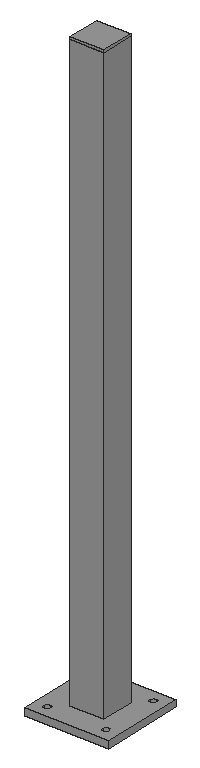
Revit family "Screening-Louver-Assembly-Post-Palmshield-Espalier_Trellis_System", category Specialty Equipment, Revit 2021
Family settings
  Round Connector Dimension = Use Diameter
  Part Type = Normal
  OmniClass Number = 23.55.00.00
  OmniClass Title = Manufactured Structures
  Work Plane-Based = No
  Always vertical = No
  Cut with Voids When Loaded = No
  Shared = No
  Room Calculation Point = No
Parameters (values of type "Assembly")
  Warranty URL = "https://palmshieldlouvers.com/wp-content/uploads/2020/01/PalmSHIELD-Warranty-NO-SIGN-LINE.pdf"
  Version = "2020 - v1.0a"  # constant formula
  URL = "https://palmshieldlouvers.com/"
  Product Page URL = "https://palmshieldlouvers.com/products/trellis-louvers/"
  Product Documentation Link = "https://palmshieldlouvers.com/wp-content/uploads/2022/03/PalmSHIELD-ESPALIER-trellis-panel-system-specifications-1.doc"
  Model = "Espalier Trellis System"  # constant formula
  Material = Metal - PalmSHIELD - Dusty Grey
  Manufacturer Phone Number = "531-329-4406 "  # constant formula
  Manufacturer Email = "mailto: info@palmshieldlouvers.com"
  Manufacturer Address = "12330 Cary Circle, La Vista, NE 68128"  # constant formula
  Manufacturer = "PalmSHIELD"  # constant formula
  Keynote = "05 10 00"
  Instruction Sheet Link = "https://palmshieldlouvers.com/wp-content/uploads/2020/01/PalmSHIELD-Post-Panel-Gate-Installation-Instructions-REV-1.pdf"
  ID [instance] = "Not Assigned"
  Height [instance] = if(Desired Overall Height < C Min Height, C Min Height, if(Desired Overall Height > C Max Height, C Max Height, Desired Overall Height))  # 6' - 0"
  Desired Overall Height [instance] = 6' - 0"
  Description = "Espalier Trellis System - Square Post"  # constant formula
  Default Elevation = 0' - 0"
  Copyright = "Copyright ©2024 The American Fence Company and PalmSHIELD. All Rights Reserved."  # constant formula
  Component Vis [instance] = yes
  Component Name [instance] = "Espalier Trellis System - Square Post"  # constant formula
  C Post Width = 0' - 4"  # constant formula
  C Min Height [instance] = 3' - 4"  # constant formula
  C Max Height [instance] = 10' - 0"  # constant formula
  Assembly Code = "F1020100"
Reference planes (in)
  plane 1 "Center (Front/Back)": y = 0
  plane 2: z = 0
  plane 3 "Center (Left/Right)": x = 0
  plane 4: z = 72
  plane 5: y = 2
  plane 6: y = -2
  plane 7: x = 2
  plane 8: x = -2
Lines and regions (in)
  reference lines
    curve 1: line (-24.29961, 0, 72) -> (24.70039, 0, 72)
Dimensions and locks (in)
  "Desired Overall Height": curve 1 to plane 2
  "Height": plane 4 to plane 2
  equal spacing: plane 8, plane 3 "Center (Left/Right)", plane 7
  equal spacing: plane 5, plane 1 "Center (Front/Back)", plane 6
  "C Post Width": plane 5 to plane 6
  "C Post Width": plane 8 to plane 7
  aligned and locked: plane 2 to level
Automatic sketch dimensions
  curve 1 to plane 8 = 1' - 10.29961"
  curve 1 to plane 7 = 1' - 10.70039"
Nested families (in)
  nested 1: "Screening-Louver-Assembly-Post-Palmshield-Espalier_Trellis_System" at (0, 0, 0), Desired Overall Height <- "Desired Overall Height", Overall Height <- "Height", ID <- "ID", Component Vis <- "Component Vis", type "Assembly"
    with Overall Height 6' - 0", ID "Not Assigned", Desired Overall Height 6' - 0", Component Vis yes, Component Name "Espalier Trellis System - Post Assembly"
  nested 2: "Nested-Base_Plate-Palmshield-Espalier_Trellis_System" at (0, 0, 0), type "10" x 10" x 3/4""
    with Material Metal - PalmSHIELD - Dusty Grey, ID "Not Assigned", Component Name "Espalier Trellis System - Aluminum - Base Plate"
  nested 3: "Nested-Square_Post-Aluminum-Palmshield-Espalier_Trellis_System" at (0, 0, 0.75), type "4" X 4" X 1/4" SQ. TUBE"
    with Material Metal - PalmSHIELD - Dusty Grey, Length 5' - 11", ID "Not Assigned", Component Name "Espalier Trellis System - Aluminum - Square Post"
  nested 4: "Nested-Top_Cap-Palmshield-Espalier_Trellis_System" at (0, 0, 71.75), type "4" x 4" x 1/4""
    with Material Metal - PalmSHIELD - Dusty Grey, ID "Not Assigned", Component Name "Espalier Trellis System - Aluminum - Square Top Cap"
Definition of nested family "Nested-Base_Plate-Palmshield-Espalier_Trellis_System"
  Parameters (values of type "10" x 10" x 3/4"")
    Width = if(Constraints = 1, 0' 10", 1' 2")  # 0' - 10"
    Warranty URL = "https://palmshieldlouvers.com/wp-content/uploads/2020/01/PalmSHIELD-Warranty-NO-SIGN-LINE.pdf"
    Version = "2020 - v1.0a"  # constant formula
    URL = "https://palmshieldlouvers.com/"
    Thickness = 0' - 0 3/4"  # constant formula
    Product Page URL = "https://palmshieldlouvers.com/products/trellis-louvers/"
    Product Documentation Link = "Contact Manufacturer for More Information"
    Model = "Espalier Trellis System - Single"  # constant formula
    Material [instance] = none
    Manufacturer Phone Number = "531-329-4406 "  # constant formula
    Manufacturer Fax Number = "Consult Manufacturer Website for More Information"  # constant formula
    Manufacturer Email = "mailto: info@palmshieldlouvers.com"
    Manufacturer Address = "12330 Cary Circle, La Vista, NE 68128"  # constant formula
    Manufacturer = "PalmSHIELD"  # constant formula
    Keynote = "05 10 00"
    Instruction Sheet Link = "https://palmshieldlouvers.com/wp-content/uploads/2020/01/PalmSHIELD-Post-Panel-Gate-Installation-Instructions-REV-1.pdf"
    ID [instance] = ""
    Hole Diameter = 0' - 0 3/4"  # constant formula
    Height = 0' - 10"  # constant formula
    Description = "Espalier Trellis System - Base Plate"  # constant formula
    Default Elevation = 4' - 0"
    Copyright = "Copyright ©2024 The American Fence Company and PalmSHIELD. All Rights Reserved."  # constant formula
    Constraints = 1
    Component Name [instance] = "Espalier Trellis System - Aluminum - Base Plate"  # constant formula
    C Hole Offset = 0' - 1 1/2"  # constant formula
    Assembly Code = "F1020100"
  Reference planes (in)
    plane 1 "Center (Front/Back)": y = 0
    plane 2: z = 0
    plane 3 "Center (Left/Right)": x = 0
    plane 4: y = 5
    plane 5: x = 5
    plane 6: y = -5
    plane 7: x = -5
    plane 8: z = 0.75
  Forms (in)
    Extrusion 1, solid
      sketch origin (0, 0, 0) x (1, 0, 0) y (0, 1, 0)
        loop
          line (-48, 48) -> (-48, -48) -> (48, -48) -> (48, 48) -> (-48, 48)
      from 0 to -12
    Extrusion 2, solid, material <- "Material"
      sketch origin (0, 0, 0) x (1, 0, 0) y (0, 1, 0)
        loop
          line (-5, 5) -> (-5, -5) -> (5, -5) -> (5, 5) -> (-5, 5)
        loop
          circle (-3.5, 3.5) r 0.375
        loop
          circle (3.5, 3.5) r 0.375
        loop
          circle (-3.5, -3.5) r 0.375
        loop
          circle (3.5, -3.5) r 0.375
      from 0 to 0.75
  Dimensions and locks (in)
    equal spacing: plane 7, plane 3 "Center (Left/Right)", plane 5
    equal spacing: plane 4, plane 1 "Center (Front/Back)", plane 6
    "Width": plane 7 to plane 5
    "Height": plane 4 to plane 6
    "C Hole Offset": plane 7 to Extrusion 2 sketch curve  (x2)
    "C Hole Offset": Extrusion 2 sketch curve to plane 5  (x2)
    "C Hole Offset": plane 4 to Extrusion 2 sketch curve  (x2)
    "C Hole Offset": plane 6 to Extrusion 2 sketch curve  (x2)
    "Thickness": plane 8 to plane 2
    "Width": Extrusion 2 to Extrusion 2
    "Hole Diameter": diameter of Extrusion 2 sketch curve  (x4)
    aligned and locked: plane 2 to Extrusion 1
    aligned and locked: level to Extrusion 1
    aligned and locked: Extrusion 2 sketch curve to plane 4
    aligned and locked: plane 7 to Extrusion 2 sketch curve
    aligned and locked: Extrusion 2 sketch curve to plane 6
    aligned and locked: Extrusion 2 sketch curve to plane 5
    aligned and locked: plane 8 to Extrusion 2
  Automatic sketch dimensions
    Extrusion 1 sketch curve to Extrusion 1 sketch curve = 8' - 0"  (x2)
Definition of nested family "Nested-Square_Post-Aluminum-Palmshield-Espalier_Trellis_System"
  Parameters (values of type "4" X 4" X 1/4" SQ. TUBE")
    Width = 0' - 4"  # constant formula
    Warranty URL = "https://palmshieldlouvers.com/wp-content/uploads/2020/01/PalmSHIELD-Warranty-NO-SIGN-LINE.pdf"
    Version = "2020 - v1.0a"  # constant formula
    URL = "https://palmshieldlouvers.com/"
    Thickness = 0' - 0 1/4"  # constant formula
    Product Page URL = "https://palmshieldlouvers.com/products/trellis-louvers/"
    Product Documentation Link = "Contact Manufacturer for More Information"
    Model = "Espalier Trellis System - Single"  # constant formula
    Material [instance] = none
    Manufacturer Phone Number = "531-329-4406 "  # constant formula
    Manufacturer Fax Number = "Consult Manufacturer Website for More Information"  # constant formula
    Manufacturer Email = "mailto: info@palmshieldlouvers.com"
    Manufacturer Address = "12330 Cary Circle, La Vista, NE 68128"  # constant formula
    Manufacturer = "PalmSHIELD"  # constant formula
    Length [instance] = 4' - 4.86713"
    Keynote = "05 10 00"
    Instruction Sheet Link = "https://palmshieldlouvers.com/wp-content/uploads/2020/01/PalmSHIELD-Post-Panel-Gate-Installation-Instructions-REV-1.pdf"
    ID [instance] = ""
    Description = "Espalier Trellis System - Post"  # constant formula
    Default Elevation = 4' - 0"
    Copyright = "Copyright ©2024 The American Fence Company and PalmSHIELD. All Rights Reserved."  # constant formula
    Component Name [instance] = "Espalier Trellis System - Aluminum - Square Post"  # constant formula
    Assembly Code = "F1020100"
  Reference planes (in)
    plane 1 "Center (Front/Back)": y = 0
    plane 2: z = 0
    plane 3 "Center (Left/Right)": x = 0
    plane 4: z = 52.86713
    plane 5: x = 2
    plane 6: x = -2
  Forms (in)
    Extrusion 1, solid
      sketch origin (0, 0, 0) x (1, 0, 0) y (0, 1, 0)
        loop
          line (-48, 48) -> (-48, -48) -> (48, -48) -> (48, 48) -> (-48, 48)
      from 0 to -12
    Sweep 2, solid, material <- "Material"
      path origin (0, 0, 0) x (0, 1, 0) y (0, 0, 1)
        loop
          line (0, 0) -> (0, 52.86713)
      profile "Profile-Palmshield-Square : 4" X 4" X 1/4" SQ. TUBE" origin (0, 0, 26.43357) x (0, -1, 0) y (1, 0, 0)
        loop
          line (1.75, 1.75) -> (-1.75, 1.75) -> (-1.75, -1.75) -> (1.75, -1.75) -> (1.75, 1.75)
        loop
          line (-2, -2) -> (2, -2) -> (2, 2) -> (-2, 2) -> (-2, -2)
  Dimensions and locks (in)
    "Length": plane 4 to plane 2
    equal spacing: plane 5, plane 3 "Center (Left/Right)", plane 6
    "Width": plane 5 to plane 6
    aligned and locked: plane 2 to Extrusion 1
    aligned and locked: level to Extrusion 1
    aligned and locked: plane 1 "Center (Front/Back)" to Sweep 2 sketch curve
    aligned and locked: plane 4 to Sweep 2 sketch curve
  Automatic sketch dimensions
    Extrusion 1 sketch curve to Extrusion 1 sketch curve = 8' - 0"  (x2)
    Sweep 2 sketch curve to level = 0' - 0"
Definition of nested family "Nested-Top_Cap-Palmshield-Espalier_Trellis_System"
  Parameters (values of type "4" x 4" x 1/4"")
    Width = 0' - 4"  # constant formula
    Warranty URL = "https://palmshieldlouvers.com/wp-content/uploads/2020/01/PalmSHIELD-Warranty-NO-SIGN-LINE.pdf"
    Version = "2020 - v1.0a"  # constant formula
    URL = "https://palmshieldlouvers.com/"
    Thickness = 0' - 0 1/4"  # constant formula
    Product Page URL = "https://palmshieldlouvers.com/products/trellis-louvers/"
    Product Documentation Link = "Contact Manufacturer for More Information"
    Model = "Espalier Trellis System - Single"  # constant formula
    Material [instance] = none
    Manufacturer Phone Number = "531-329-4406 "  # constant formula
    Manufacturer Fax Number = "Consult Manufacturer Website for More Information"  # constant formula
    Manufacturer Email = "mailto: info@palmshieldlouvers.com"
    Manufacturer Address = "12330 Cary Circle, La Vista, NE 68128"  # constant formula
    Manufacturer = "PalmSHIELD"  # constant formula
    Keynote = "05 10 00"
    Instruction Sheet Link = "https://palmshieldlouvers.com/wp-content/uploads/2020/01/PalmSHIELD-Post-Panel-Gate-Installation-Instructions-REV-1.pdf"
    ID [instance] = ""
    Description = "Espalier Trellis System - Top Cap"  # constant formula
    Default Elevation = 4' - 0"
    Copyright = "Copyright ©2024 The American Fence Company and PalmSHIELD. All Rights Reserved."  # constant formula
    Component Name [instance] = "Espalier Trellis System - Aluminum - Square Top Cap"  # constant formula
    Assembly Code = "F1020100"
  Reference planes (in)
    plane 1 "Center (Front/Back)": y = 0
    plane 2: z = 0
    plane 3 "Center (Left/Right)": x = 0
    plane 4: y = 2
    plane 5: x = 2
    plane 6: y = -2
    plane 7: x = -2
    plane 8: z = 0.25
  Forms (in)
    Extrusion 1, solid
      sketch origin (0, 0, 0) x (1, 0, 0) y (0, 1, 0)
        loop
          line (-48, 48) -> (-48, -48) -> (48, -48) -> (48, 48) -> (-48, 48)
      from 0 to -12
    Extrusion 2, solid, material <- "Material"
      sketch origin (0, 0, 0) x (1, 0, 0) y (0, 1, 0)
        loop
          line (-2, 2) -> (-2, -2) -> (2, -2) -> (2, 2) -> (-2, 2)
      from 0 to 0.25
  Dimensions and locks (in)
    equal spacing: plane 7, plane 3 "Center (Left/Right)", plane 5
    equal spacing: plane 4, plane 1 "Center (Front/Back)", plane 6
    "Width": plane 7 to plane 5
    "Width": plane 4 to plane 6
    "Thickness": plane 8 to plane 2
    aligned and locked: plane 2 to Extrusion 1
    aligned and locked: level to Extrusion 1
    aligned and locked: Extrusion 2 sketch curve to plane 4
    aligned and locked: plane 7 to Extrusion 2 sketch curve
    aligned and locked: Extrusion 2 sketch curve to plane 6
    aligned and locked: Extrusion 2 sketch curve to plane 5
    aligned and locked: plane 8 to Extrusion 2
  Automatic sketch dimensions
    Extrusion 1 sketch curve to Extrusion 1 sketch curve = 8' - 0"  (x2)
Definition of nested family "Screening-Louver-Assembly-Post-Palmshield-Espalier_Trellis_System"
  Parameters (values of type "Default")
    Width = 0' - 4"  # constant formula
    Warranty URL = "https://palmshieldlouvers.com/wp-content/uploads/2020/01/PalmSHIELD-Warranty-NO-SIGN-LINE.pdf"
    Version = "2020 - v1.0a"  # constant formula
    URL = "https://palmshieldlouvers.com/"
    Top Cap Thickness = 0' - 0 1/8"  # constant formula
    Product Page URL = "https://palmshieldlouvers.com/products/trellis-louvers/"
    Product Documentation Link = "Contact Manufacturer for More Information"
    Overall Height [instance] = if(Desired Overall Height < 3' 0", 3' 0", if(Desired Overall Height > 10' 0", 10' 0", Desired Overall Height))  # 6' - 0"
    Model = "Espalier Trellis System - Single"  # constant formula
    Material = none
    Manufacturer Phone Number = "531-329-4406 "  # constant formula
    Manufacturer Fax Number = "Consult Manufacturer Website for More Information"  # constant formula
    Manufacturer Email = "mailto: info@palmshieldlouvers.com"
    Manufacturer Address = "12330 Cary Circle, La Vista, NE 68128"  # constant formula
    Manufacturer = "PalmSHIELD"  # constant formula
    Keynote = "05 10 00"
    Instruction Sheet Link = "https://palmshieldlouvers.com/wp-content/uploads/2020/01/PalmSHIELD-Post-Panel-Gate-Installation-Instructions-REV-1.pdf"
    ID [instance] = "Not Assigned"
    Desired Overall Height [instance] = 6' - 0"
    Description = "Espalier Trellis System - Post Assembly"  # constant formula
    Default Elevation = 4' - 0"
    Copyright = "Copyright ©2024 The American Fence Company and PalmSHIELD. All Rights Reserved."  # constant formula
    Component Vis [instance] = yes
    Component Name [instance] = "Espalier Trellis System - Post Assembly"  # constant formula
    Base Plate Thickness = 0' - 0 3/4"  # constant formula
    Assembly Code = "F1020100"
  Reference planes (in)
    plane 1 "Center (Front/Back)": y = 0
    plane 2: z = 0
    plane 3 "Center (Left/Right)": x = 0
    plane 4: x = 2
    plane 5: x = -2
    plane 6: z = 72
    plane 7: z = 2
    plane 8: z = 71.75
  Forms (in)
    Extrusion 1, solid
      sketch origin (0, 0, 0) x (1, 0, 0) y (0, 1, 0)
        loop
          line (-48, 48) -> (-48, -48) -> (48, -48) -> (48, 48) -> (-48, 48)
      from 0 to -12
  Lines and regions (in)
    reference lines
      curve 1: line (-64.16684, 0, 72) -> (79.83316, 0, 72)
  Dimensions and locks (in)
    equal spacing: plane 4, plane 3 "Center (Left/Right)", plane 5
    "Width": plane 4 to plane 5
    plane 7 to plane 2 = 0' - 2"
    plane 3 "Center (Left/Right)" to nested 2 = 0' - 0"
    plane 3 "Center (Left/Right)" to nested 3 = 0' - 0"
    locked: plane 6 to plane 8 at 0.25
    "Desired Overall Height": curve 1 to plane 2
    "Overall Height": plane 6 to plane 2
    aligned and locked: plane 2 to Extrusion 1
    aligned and locked: level to Extrusion 1
    aligned and locked: plane 1 "Center (Front/Back)" to nested 1
    aligned and locked: plane 1 "Center (Front/Back)" to nested 3
    aligned and locked: plane 3 "Center (Left/Right)" to nested 1
    aligned and locked: nested 2 to plane 8
  Automatic sketch dimensions
    Extrusion 1 sketch curve to Extrusion 1 sketch curve = 8' - 0"  (x2)
    curve 1 to plane 5 = 5' - 2.16684"
    plane 4 to curve 1 = 6' - 5.83316"
  Nested families (in)
    nested 1: "Nested-Base_Plate-Palmshield-Espalier_Trellis_System" at (0, 0, 0), ID <- "ID", Material <- "Material", visible <- "Component Vis", type "10" x 10" x 3/4""
      with Material none, ID "Not Assigned", Component Name "Espalier Trellis System - Aluminum - Base Plate"
    nested 2: "Nested-Square_Post-Aluminum-Palmshield-Espalier_Trellis_System" at (0, 0, 0.75), ID <- "ID", Material <- "Material", visible <- "Component Vis", type "4" X 4" X 1/4" SQ. TUBE"
      with Material none, Length 5' - 11", ID "Not Assigned", Component Name "Espalier Trellis System - Aluminum - Square Post"
    nested 3: "Nested-Top_Cap-Palmshield-Espalier_Trellis_System" at (0, 0, 71.75), ID <- "ID", Material <- "Material", visible <- "Component Vis", type "4" x 4" x 1/4""
      with Material none, ID "Not Assigned", Component Name "Espalier Trellis System - Aluminum - Square Top Cap"
  Definition of nested family "Nested-Base_Plate-Palmshield-Espalier_Trellis_System"
    Parameters (values of type "10" x 10" x 3/4"")
      Width = if(Constraints = 1, 0' 10", 1' 2")  # 0' - 10"
      Warranty URL = "https://palmshieldlouvers.com/wp-content/uploads/2020/01/PalmSHIELD-Warranty-NO-SIGN-LINE.pdf"
      Version = "2020 - v1.0a"  # constant formula
      URL = "https://palmshieldlouvers.com/"
      Thickness = 0' - 0 3/4"  # constant formula
      Product Page URL = "https://palmshieldlouvers.com/products/trellis-louvers/"
      Product Documentation Link = "Contact Manufacturer for More Information"
      Model = "Espalier Trellis System - Single"  # constant formula
      Material [instance] = none
      Manufacturer Phone Number = "531-329-4406 "  # constant formula
      Manufacturer Fax Number = "Consult Manufacturer Website for More Information"  # constant formula
      Manufacturer Email = "mailto: info@palmshieldlouvers.com"
      Manufacturer Address = "12330 Cary Circle, La Vista, NE 68128"  # constant formula
      Manufacturer = "PalmSHIELD"  # constant formula
      Keynote = "05 10 00"
      Instruction Sheet Link = "https://palmshieldlouvers.com/wp-content/uploads/2020/01/PalmSHIELD-Post-Panel-Gate-Installation-Instructions-REV-1.pdf"
      ID [instance] = ""
      Hole Diameter = 0' - 0 3/4"  # constant formula
      Height = 0' - 10"  # constant formula
      Description = "Espalier Trellis System - Base Plate"  # constant formula
      Default Elevation = 4' - 0"
      Copyright = "Copyright ©2024 The American Fence Company and PalmSHIELD. All Rights Reserved."  # constant formula
      Constraints = 1
      Component Name [instance] = "Espalier Trellis System - Aluminum - Base Plate"  # constant formula
      C Hole Offset = 0' - 1 1/2"  # constant formula
      Assembly Code = "F1020100"
    Reference planes (in)
      plane 1 "Center (Front/Back)": y = 0
      plane 2: z = 0
      plane 3 "Center (Left/Right)": x = 0
      plane 4: y = 5
      plane 5: x = 5
      plane 6: y = -5
      plane 7: x = -5
      plane 8: z = 0.75
    Forms (in)
      Extrusion 1, solid
        sketch origin (0, 0, 0) x (1, 0, 0) y (0, 1, 0)
          loop
            line (-48, 48) -> (-48, -48) -> (48, -48) -> (48, 48) -> (-48, 48)
        from 0 to -12
      Extrusion 2, solid, material <- "Material"
        sketch origin (0, 0, 0) x (1, 0, 0) y (0, 1, 0)
          loop
            line (-5, 5) -> (-5, -5) -> (5, -5) -> (5, 5) -> (-5, 5)
          loop
            circle (-3.5, 3.5) r 0.375
          loop
            circle (3.5, 3.5) r 0.375
          loop
            circle (-3.5, -3.5) r 0.375
          loop
            circle (3.5, -3.5) r 0.375
        from 0 to 0.75
    Dimensions and locks (in)
      equal spacing: plane 7, plane 3 "Center (Left/Right)", plane 5
      equal spacing: plane 4, plane 1 "Center (Front/Back)", plane 6
      "Width": plane 7 to plane 5
      "Height": plane 4 to plane 6
      "C Hole Offset": plane 7 to Extrusion 2 sketch curve  (x2)
      "C Hole Offset": Extrusion 2 sketch curve to plane 5  (x2)
      "C Hole Offset": plane 4 to Extrusion 2 sketch curve  (x2)
      "C Hole Offset": plane 6 to Extrusion 2 sketch curve  (x2)
      "Thickness": plane 8 to plane 2
      "Width": Extrusion 2 to Extrusion 2
      "Hole Diameter": diameter of Extrusion 2 sketch curve  (x4)
      aligned and locked: plane 2 to Extrusion 1
      aligned and locked: level to Extrusion 1
      aligned and locked: Extrusion 2 sketch curve to plane 4
      aligned and locked: plane 7 to Extrusion 2 sketch curve
      aligned and locked: Extrusion 2 sketch curve to plane 6
      aligned and locked: Extrusion 2 sketch curve to plane 5
      aligned and locked: plane 8 to Extrusion 2
    Automatic sketch dimensions
      Extrusion 1 sketch curve to Extrusion 1 sketch curve = 8' - 0"  (x2)
  Definition of nested family "Nested-Square_Post-Aluminum-Palmshield-Espalier_Trellis_System"
    Parameters (values of type "4" X 4" X 1/4" SQ. TUBE")
      Width = 0' - 4"  # constant formula
      Warranty URL = "https://palmshieldlouvers.com/wp-content/uploads/2020/01/PalmSHIELD-Warranty-NO-SIGN-LINE.pdf"
      Version = "2020 - v1.0a"  # constant formula
      URL = "https://palmshieldlouvers.com/"
      Thickness = 0' - 0 1/4"  # constant formula
      Product Page URL = "https://palmshieldlouvers.com/products/trellis-louvers/"
      Product Documentation Link = "Contact Manufacturer for More Information"
      Model = "Espalier Trellis System - Single"  # constant formula
      Material [instance] = none
      Manufacturer Phone Number = "531-329-4406 "  # constant formula
      Manufacturer Fax Number = "Consult Manufacturer Website for More Information"  # constant formula
      Manufacturer Email = "mailto: info@palmshieldlouvers.com"
      Manufacturer Address = "12330 Cary Circle, La Vista, NE 68128"  # constant formula
      Manufacturer = "PalmSHIELD"  # constant formula
      Length [instance] = 4' - 4.86713"
      Keynote = "05 10 00"
      Instruction Sheet Link = "https://palmshieldlouvers.com/wp-content/uploads/2020/01/PalmSHIELD-Post-Panel-Gate-Installation-Instructions-REV-1.pdf"
      ID [instance] = ""
      Description = "Espalier Trellis System - Post"  # constant formula
      Default Elevation = 4' - 0"
      Copyright = "Copyright ©2024 The American Fence Company and PalmSHIELD. All Rights Reserved."  # constant formula
      Component Name [instance] = "Espalier Trellis System - Aluminum - Square Post"  # constant formula
      Assembly Code = "F1020100"
    Reference planes (in)
      plane 1 "Center (Front/Back)": y = 0
      plane 2: z = 0
      plane 3 "Center (Left/Right)": x = 0
      plane 4: z = 52.86713
      plane 5: x = 2
      plane 6: x = -2
    Forms (in)
      Extrusion 1, solid
        sketch origin (0, 0, 0) x (1, 0, 0) y (0, 1, 0)
          loop
            line (-48, 48) -> (-48, -48) -> (48, -48) -> (48, 48) -> (-48, 48)
        from 0 to -12
      Sweep 2, solid, material <- "Material"
        path origin (0, 0, 0) x (0, 1, 0) y (0, 0, 1)
          loop
            line (0, 0) -> (0, 52.86713)
        profile "Profile-Palmshield-Square : 4" X 4" X 1/4" SQ. TUBE" origin (0, 0, 26.43357) x (0, -1, 0) y (1, 0, 0)
          loop
            line (1.75, 1.75) -> (-1.75, 1.75) -> (-1.75, -1.75) -> (1.75, -1.75) -> (1.75, 1.75)
          loop
            line (-2, -2) -> (2, -2) -> (2, 2) -> (-2, 2) -> (-2, -2)
    Dimensions and locks (in)
      "Length": plane 4 to plane 2
      equal spacing: plane 5, plane 3 "Center (Left/Right)", plane 6
      "Width": plane 5 to plane 6
      aligned and locked: plane 2 to Extrusion 1
      aligned and locked: level to Extrusion 1
      aligned and locked: plane 1 "Center (Front/Back)" to Sweep 2 sketch curve
      aligned and locked: plane 4 to Sweep 2 sketch curve
    Automatic sketch dimensions
      Extrusion 1 sketch curve to Extrusion 1 sketch curve = 8' - 0"  (x2)
      Sweep 2 sketch curve to level = 0' - 0"
  Definition of nested family "Nested-Top_Cap-Palmshield-Espalier_Trellis_System"
    Parameters (values of type "4" x 4" x 1/4"")
      Width = 0' - 4"  # constant formula
      Warranty URL = "https://palmshieldlouvers.com/wp-content/uploads/2020/01/PalmSHIELD-Warranty-NO-SIGN-LINE.pdf"
      Version = "2020 - v1.0a"  # constant formula
      URL = "https://palmshieldlouvers.com/"
      Thickness = 0' - 0 1/4"  # constant formula
      Product Page URL = "https://palmshieldlouvers.com/products/trellis-louvers/"
      Product Documentation Link = "Contact Manufacturer for More Information"
      Model = "Espalier Trellis System - Single"  # constant formula
      Material [instance] = none
      Manufacturer Phone Number = "531-329-4406 "  # constant formula
      Manufacturer Fax Number = "Consult Manufacturer Website for More Information"  # constant formula
      Manufacturer Email = "mailto: info@palmshieldlouvers.com"
      Manufacturer Address = "12330 Cary Circle, La Vista, NE 68128"  # constant formula
      Manufacturer = "PalmSHIELD"  # constant formula
      Keynote = "05 10 00"
      Instruction Sheet Link = "https://palmshieldlouvers.com/wp-content/uploads/2020/01/PalmSHIELD-Post-Panel-Gate-Installation-Instructions-REV-1.pdf"
      ID [instance] = ""
      Description = "Espalier Trellis System - Top Cap"  # constant formula
      Default Elevation = 4' - 0"
      Copyright = "Copyright ©2024 The American Fence Company and PalmSHIELD. All Rights Reserved."  # constant formula
      Component Name [instance] = "Espalier Trellis System - Aluminum - Square Top Cap"  # constant formula
      Assembly Code = "F1020100"
    Reference planes (in)
      plane 1 "Center (Front/Back)": y = 0
      plane 2: z = 0
      plane 3 "Center (Left/Right)": x = 0
      plane 4: y = 2
      plane 5: x = 2
      plane 6: y = -2
      plane 7: x = -2
      plane 8: z = 0.25
    Forms (in)
      Extrusion 1, solid
        sketch origin (0, 0, 0) x (1, 0, 0) y (0, 1, 0)
          loop
            line (-48, 48) -> (-48, -48) -> (48, -48) -> (48, 48) -> (-48, 48)
        from 0 to -12
      Extrusion 2, solid, material <- "Material"
        sketch origin (0, 0, 0) x (1, 0, 0) y (0, 1, 0)
          loop
            line (-2, 2) -> (-2, -2) -> (2, -2) -> (2, 2) -> (-2, 2)
        from 0 to 0.25
    Dimensions and locks (in)
      equal spacing: plane 7, plane 3 "Center (Left/Right)", plane 5
      equal spacing: plane 4, plane 1 "Center (Front/Back)", plane 6
      "Width": plane 7 to plane 5
      "Width": plane 4 to plane 6
      "Thickness": plane 8 to plane 2
      aligned and locked: plane 2 to Extrusion 1
      aligned and locked: level to Extrusion 1
      aligned and locked: Extrusion 2 sketch curve to plane 4
      aligned and locked: plane 7 to Extrusion 2 sketch curve
      aligned and locked: Extrusion 2 sketch curve to plane 6
      aligned and locked: Extrusion 2 sketch curve to plane 5
      aligned and locked: plane 8 to Extrusion 2
    Automatic sketch dimensions
      Extrusion 1 sketch curve to Extrusion 1 sketch curve = 8' - 0"  (x2)
